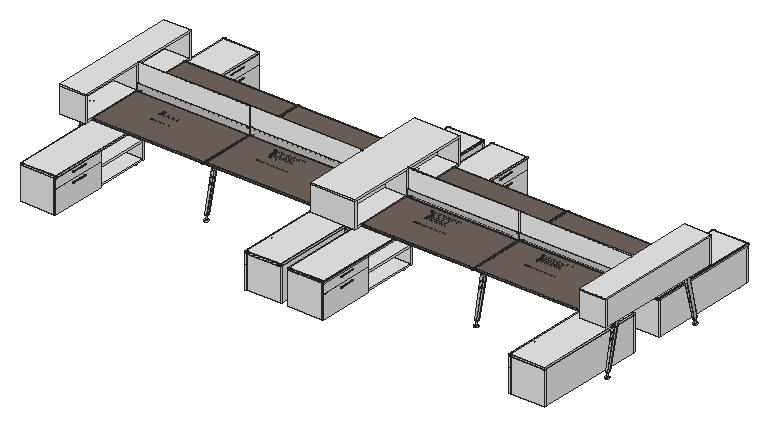
Revit family "T200005", category Furniture, Revit 2015 (continued)
Definition of nested family "OFS_ELEVEN-WORKSPACE_BASES_BENCHING_8-PERSON"
  Lines and regions (in)
    Masking region 47
      outline origin (-50, 0, 0) x (1, 0, 0) y (0, 1, 0)
        loop
          line (8.98586, 14.486) -> (7.01414, 14.486) -> (7.01414, -14.486) -> (8.98586, -14.486) -> (8.98586, 14.486)
  Dimensions and locks (in)
    plane 6 "BASE HEIGHT" to plane 2 = 27 3/4"
    "BASE WIDTH": plane 4 "LEFT" to plane 5 "RIGHT"
    "BASE DEPTH": plane 8 "FRONT" to plane 7 "BACK"
    equal spacing: plane 8 "FRONT", plane 1 "Center Front/Back", plane 7 "BACK"
    equal spacing: plane 11, plane 13, plane 12
    "RAIL WIDTH": plane 11 to plane 12
    "RAIL WIDTH": plane 15 to plane 14
    equal spacing: plane 15, plane 16, plane 14
    Extrusion 2 sketch curve to plane 3 "Center Left/Right" to Extrusion 2 sketch curve = 0.98586" locked, 0.98586" locked
    Extrusion 3 sketch curve to plane 10 to Extrusion 3 sketch curve = 0.98586" locked, 0.98586" locked
    Extrusion 4 sketch curve to plane 9 to Extrusion 4 sketch curve = 0.98586" locked, 0.98586" locked
    plane 24 to plane 3 "Center Left/Right" to plane 23 = 0.98586" locked, 0.98586" locked
    plane 25 to plane 10 to plane 5 "RIGHT" to plane 28 = 0.98586" locked, 1.96" locked, 0.15748" locked
    plane 27 to plane 4 "LEFT" to plane 9 to plane 26 = 0.15748" locked, 1.96" locked, 0.98586" locked
    plane 31 to plane 29 to plane 30 = 0.98586" locked, 0.98586" locked
    plane 34 to plane 32 to plane 33 = 0.98586" locked, 0.98586" locked
    equal spacing: plane 4 "LEFT", plane 29, plane 3 "Center Left/Right", plane 32, plane 5 "RIGHT"
    "MID RAIL WIDTH": plane 36 to plane 35
    equal spacing: plane 36, plane 37, plane 35
    "MID RAIL WIDTH": plane 39 to plane 38
    equal spacing: plane 39, plane 40, plane 38
    locked: plane 32 to plane 11 at 6
    locked: plane 29 to plane 36 at 6
    "RAIL POSITION": plane 14 to plane 29
    "RAIL POSITION": plane 38 to plane 32
    plane 19 to plane 18 to plane 17 to plane 7 "BACK" to plane 41 = 1.182" locked, 0.157" locked, 9.175" locked, 1" locked
    plane 22 to plane 21 to plane 20 to plane 8 "FRONT" to plane 42 = 1.182" locked, 0.157" locked, 9.175" locked, 1" locked
    aligned and locked: Extrusion 1 sketch curve to plane 22
    aligned and locked: Extrusion 1 sketch curve to plane 21
    aligned and locked: Extrusion 1 sketch curve to plane 6 "BASE HEIGHT"
    aligned and locked: Extrusion 3 to plane 6 "BASE HEIGHT"  (x2)
    aligned and locked: plane 23 to Extrusion 2
    aligned and locked: plane 24 to Extrusion 2
    aligned and locked: plane 25 to Extrusion 3
    aligned and locked: Extrusion 4 to plane 26
    aligned and locked: plane 26 to Extrusion 1
    aligned and locked: plane 25 to Extrusion 5
    aligned and locked: Extrusion 3 to plane 20
    aligned and locked: Extrusion 2 to plane 20
    aligned and locked: Extrusion 4 to plane 20
    aligned and locked: Extrusion 4 to plane 17
    aligned and locked: Extrusion 2 to plane 17
    aligned and locked: Extrusion 3 to plane 17
    aligned and locked: Extrusion 6 to plane 20
    aligned and locked: plane 17 to Extrusion 2  (x2)
    aligned and locked: Extrusion 10 to plane 17
    aligned and locked: plane 17 to Extrusion 10
    aligned and locked: plane 25 to Extrusion 14
    aligned and locked: plane 26 to Extrusion 15
    aligned and locked: Extrusion 17 to plane 19
    aligned and locked: Extrusion 17 to plane 22
    aligned and locked: Extrusion 21 to Extrusion 20
    aligned and locked: Extrusion 25 to Extrusion 26
    aligned and locked: Extrusion 22 to plane 19
    aligned and locked: Extrusion 22 to plane 22
    aligned and locked: cut or joined group of Extrusion 25, Extrusion 26 to Extrusion 22  (x2)
    aligned and locked: cut or joined group of Extrusion 23, Extrusion 24 to Extrusion 22  (x2)
    aligned and locked: Extrusion 30 to Extrusion 31
    aligned and locked: cut or joined group of Extrusion 30, Extrusion 31 to Extrusion 27  (x2)
    aligned and locked: cut or joined group of Extrusion 28, Extrusion 29 to Extrusion 27  (x2)
    aligned and locked: Extrusion 27 to plane 19
    aligned and locked: Extrusion 27 to plane 22
    aligned and locked: Extrusion 47 to Extrusion 48
    aligned and locked: Extrusion 53 to Extrusion 52
    aligned and locked: Extrusion 58 to Extrusion 57
    aligned and locked: Extrusion 57 to Extrusion 54
    aligned and locked: Extrusion 54 to Extrusion 57
    aligned and locked: Extrusion 47 to Extrusion 44  (x2)
    aligned and locked: Extrusion 54 to Extrusion 56
    aligned and locked: Extrusion 56 to Extrusion 54
    aligned and locked: Extrusion 46 to Extrusion 44  (x2)
    aligned and locked: Extrusion 49 to plane 19
    aligned and locked: Extrusion 54 to plane 19
    aligned and locked: Extrusion 44 to plane 19
    aligned and locked: Extrusion 49 to plane 22
    aligned and locked: Extrusion 54 to plane 22
    aligned and locked: Extrusion 44 to plane 22
    aligned and locked: plane 9 to nested 1
    aligned and locked: nested 3 to plane 10
    aligned and locked: nested 4 to plane 9
    aligned and locked: nested 6 to plane 17
    aligned and locked: plane 10 to nested 6
    aligned and locked: nested 5 to plane 17
    aligned and locked: nested 4 to plane 17
    aligned and locked: nested 1 to plane 20
    aligned and locked: nested 2 to plane 20
    aligned and locked: nested 3 to plane 20
    aligned and locked: Extrusion 72 to plane 5 "RIGHT"
    aligned and locked: plane 27 to Extrusion 71
    aligned and locked: plane 28 to Extrusion 72
    aligned and locked: plane 4 "LEFT" to Extrusion 71
    aligned and locked: nested 8 to plane 29
    aligned and locked: Masking region 16 to plane 31
    aligned and locked: Extrusion 15 to plane 31
    aligned and locked: plane 29 to nested 7
    aligned and locked: Masking region 18 to plane 31
    aligned and locked: Extrusion 1 to plane 31
    aligned and locked: nested 10 to plane 32
    aligned and locked: Masking region 17 to plane 33
    aligned and locked: Extrusion 14 to plane 33
    aligned and locked: cut or joined group of Extrusion 52, Extrusion 53 to Extrusion 49
    aligned and locked: Extrusion 49 to cut or joined group of Extrusion 52, Extrusion 53
    aligned and locked: plane 32 to nested 9
    aligned and locked: Masking region 19 to plane 33
    aligned and locked: Extrusion 5 to plane 33
    aligned and locked: Extrusion 49 to cut or joined group of Extrusion 50, Extrusion 51
    aligned and locked: cut or joined group of Extrusion 50, Extrusion 51 to Extrusion 49
    aligned and locked: Extrusion 83 to plane 17
    aligned and locked: Extrusion 83 to plane 20
    aligned and locked: Extrusion 84 to plane 20
    aligned and locked: Extrusion 84 to plane 17
    aligned and locked: Extrusion 86 to plane 30
    aligned and locked: Masking region 38 to plane 30
    aligned and locked: Extrusion 85 to plane 30
    aligned and locked: Masking region 39 to plane 30
    aligned and locked: Extrusion 85 to plane 24
    aligned and locked: Masking region 39 to plane 24
    aligned and locked: Extrusion 87 to plane 23
    aligned and locked: Masking region 41 to plane 23
    aligned and locked: Extrusion 88 to plane 23
    aligned and locked: Masking region 40 to plane 23
    aligned and locked: Extrusion 86 to plane 24
    aligned and locked: Masking region 38 to plane 24
    aligned and locked: Extrusion 88 to plane 34
    aligned and locked: Masking region 40 to plane 34
    aligned and locked: Extrusion 87 to plane 34
    aligned and locked: Masking region 41 to plane 34
    aligned and locked: Extrusion 89 to plane 20
    aligned and locked: Extrusion 89 to plane 17
    aligned and locked: Extrusion 94 to Extrusion 93
    aligned and locked: Extrusion 102 to Extrusion 101
    aligned and locked: Extrusion 110 to Extrusion 109
    aligned and locked: Extrusion 118 to Extrusion 117
    aligned and locked: Extrusion 126 to Extrusion 125
    aligned and locked: Extrusion 134 to Extrusion 133
    aligned and locked: Extrusion 130 to plane 19
    aligned and locked: Extrusion 122 to plane 19
    aligned and locked: Extrusion 114 to plane 19
    aligned and locked: Extrusion 130 to plane 22
    aligned and locked: Extrusion 122 to plane 22
    aligned and locked: Extrusion 114 to plane 22
    aligned and locked: nested 8 to plane 17
    aligned and locked: nested 7 to plane 20
    aligned and locked: nested 9 to plane 20
    aligned and locked: nested 10 to plane 17
    aligned and locked: Extrusion 90 to plane 19
    aligned and locked: Extrusion 98 to plane 19
    aligned and locked: Extrusion 106 to plane 19
    aligned and locked: Extrusion 90 to plane 22
    aligned and locked: Extrusion 98 to plane 22
    aligned and locked: Extrusion 106 to plane 22
    aligned and locked: Extrusion 101 to Extrusion 102
    aligned and locked: Extrusion 98 to Extrusion 101
    aligned and locked: Extrusion 109 to Extrusion 110  (x2)
    aligned and locked: Extrusion 117 to Extrusion 118  (x2)
    aligned and locked: Extrusion 125 to Extrusion 126  (x2)
    aligned and locked: Extrusion 123 to Extrusion 124
    aligned and locked: Extrusion 124 to Extrusion 123
    aligned and locked: Extrusion 115 to Extrusion 116
    aligned and locked: Extrusion 116 to Extrusion 115
    aligned and locked: Extrusion 107 to Extrusion 108
    aligned and locked: Extrusion 108 to Extrusion 107
    aligned and locked: Extrusion 99 to Extrusion 100
    aligned and locked: Extrusion 100 to Extrusion 99
    aligned and locked: Extrusion 131 to Extrusion 132
    aligned and locked: Extrusion 132 to Extrusion 131
    aligned and locked: Extrusion 133 to Extrusion 134  (x2)
    aligned and locked: Extrusion 93 to Extrusion 94  (x2)
    aligned and locked: Extrusion 92 to Extrusion 91
    aligned and locked: Extrusion 91 to Extrusion 92
    aligned and locked: Extrusion 17 to cut or joined group of Extrusion 18, Extrusion 19
    aligned and locked: cut or joined group of Extrusion 18, Extrusion 19 to Extrusion 17
    aligned and locked: cut or joined group of Extrusion 20, Extrusion 21 to Extrusion 17
    aligned and locked: Extrusion 17 to cut or joined group of Extrusion 20, Extrusion 21
  Automatic sketch dimensions
    plane 21 to Extrusion 1 sketch curve = 0.06818"  (x2)
    Extrusion 1 sketch curve to Extrusion 1 sketch curve = 0.07831"
    Extrusion 1 sketch curve to Extrusion 1 sketch curve = 0.08215"
    Extrusion 1 sketch curve to Extrusion 1 sketch curve = 0.06491"  (x2)
    Extrusion 1 sketch curve to Extrusion 1 sketch curve = 0.07203"  (x2)
    Extrusion 1 sketch curve to Extrusion 1 sketch curve = 0.10542"  (x2)
    Extrusion 1 sketch curve to Extrusion 1 sketch curve = 0.10901"  (x2)
    Extrusion 1 sketch curve to Extrusion 1 sketch curve = 0.19602"
    Extrusion 1 sketch curve to Extrusion 1 sketch curve = 0.19218"
    Extrusion 1 sketch curve to plane 22 = 0.34288"  (x2)
    Extrusion 1 sketch curve to plane 22 = 0.32462"
    Extrusion 1 sketch curve to plane 22 = 0.32432"
    Extrusion 1 sketch curve to plane 22 = 0.06856"  (x2)
    Extrusion 1 sketch curve to plane 6 "BASE HEIGHT" = 0.23622"  (x2)
    Extrusion 1 sketch curve to Extrusion 1 sketch curve = 0.11809"
    Extrusion 1 sketch curve to Extrusion 1 sketch curve = 0.11811"  (x2)
    Extrusion 1 sketch curve to Extrusion 1 sketch curve = 0.11874"
    Extrusion 1 sketch curve to Extrusion 1 sketch curve = 1.25499"
    Extrusion 1 sketch curve to Extrusion 1 sketch curve = 0"  (x2)
    Extrusion 1 sketch curve to Extrusion 1 sketch curve = 0.00061"
    Extrusion 1 sketch curve to Extrusion 1 sketch curve = 0.11241"  (x2)
    Extrusion 1 sketch curve to Extrusion 1 sketch curve = 0.23622"
    Extrusion 2 sketch curve to plane 6 "BASE HEIGHT" = 0"  (x2)
    Extrusion 2 sketch curve to plane 24 = 0.12991"  (x2)
    Extrusion 2 sketch curve to plane 24 = 0.1482"  (x2)
    Extrusion 2 sketch curve to Extrusion 2 sketch curve = 0.10572"  (x2)
    Extrusion 2 sketch curve to Extrusion 2 sketch curve = 0.10902"  (x2)
    Extrusion 2 sketch curve to Extrusion 2 sketch curve = 0.06821"  (x5)
    Extrusion 2 sketch curve to Extrusion 2 sketch curve = 0.06491"  (x2)
    Extrusion 2 sketch curve to Extrusion 2 sketch curve = 0.08212"  (x4)
    Extrusion 2 sketch curve to plane 23 = 0.47246"
    Extrusion 2 sketch curve to plane 23 = 0.12991"  (x2)
    Extrusion 2 sketch curve to plane 6 "BASE HEIGHT" = 0.23622"  (x2)
    Extrusion 2 sketch curve to Extrusion 2 sketch curve = 0.11241"  (x5)
    Extrusion 2 sketch curve to Extrusion 2 sketch curve = 1.25499"
    Extrusion 2 sketch curve to Extrusion 2 sketch curve = 0"
    Extrusion 2 sketch curve to Extrusion 2 sketch curve = 0.0057"  (x2)
    Extrusion 2 sketch curve to Extrusion 2 sketch curve = 0.11811"
    Extrusion 2 sketch curve to Extrusion 2 sketch curve = 0.23622"  (x2)
    Extrusion 3 sketch curve to plane 6 "BASE HEIGHT" = 0"  (x2)
    plane 25 to Extrusion 3 sketch curve = 0.12991"  (x2)
    plane 25 to Extrusion 3 sketch curve = 0.1482"  (x2)
    Extrusion 3 sketch curve to Extrusion 3 sketch curve = 0.10572"  (x2)
    Extrusion 3 sketch curve to Extrusion 3 sketch curve = 0.10902"  (x2)
    Extrusion 3 sketch curve to Extrusion 3 sketch curve = 0.06821"  (x5)
    Extrusion 3 sketch curve to Extrusion 3 sketch curve = 0.06491"  (x2)
    Extrusion 3 sketch curve to Extrusion 3 sketch curve = 0.08212"  (x4)
    Extrusion 3 sketch curve to plane 10 = 0.5134"
    Extrusion 3 sketch curve to plane 6 "BASE HEIGHT" = 0.23622"
    Extrusion 3 sketch curve to plane 6 "BASE HEIGHT" = 0.34863"  (x2)
    Extrusion 3 sketch curve to Extrusion 3 sketch curve = 0.12991"  (x2)
    Extrusion 3 sketch curve to Extrusion 3 sketch curve = 0"  (x2)
    Extrusion 3 sketch curve to Extrusion 3 sketch curve = 0.11241"  (x3)
    Extrusion 3 sketch curve to Extrusion 3 sketch curve = 1.25499"
    Extrusion 3 sketch curve to Extrusion 3 sketch curve = 0.0057"  (x2)
    Extrusion 3 sketch curve to Extrusion 3 sketch curve = 0.11811"
    Extrusion 3 sketch curve to Extrusion 3 sketch curve = 0.23622"  (x2)
    Extrusion 4 sketch curve to plane 6 "BASE HEIGHT" = 0"  (x2)
    Extrusion 4 sketch curve to plane 26 = 0.12991"  (x2)
    Extrusion 4 sketch curve to plane 26 = 0.1482"  (x2)
    Extrusion 4 sketch curve to Extrusion 4 sketch curve = 0.10572"  (x2)
    Extrusion 4 sketch curve to Extrusion 4 sketch curve = 0.10902"  (x2)
    Extrusion 4 sketch curve to Extrusion 4 sketch curve = 0.06821"  (x5)
    Extrusion 4 sketch curve to Extrusion 4 sketch curve = 0.06491"  (x2)
    Extrusion 4 sketch curve to Extrusion 4 sketch curve = 0.08212"  (x4)
    plane 9 to Extrusion 4 sketch curve = 0.5134"
    plane 6 "BASE HEIGHT" to Extrusion 4 sketch curve = 0.23622"
    plane 6 "BASE HEIGHT" to Extrusion 4 sketch curve = 0.34863"  (x2)
    Extrusion 4 sketch curve to Extrusion 4 sketch curve = 0.12991"  (x2)
    Extrusion 4 sketch curve to Extrusion 4 sketch curve = 0"  (x2)
    Extrusion 4 sketch curve to Extrusion 4 sketch curve = 0.11241"  (x3)
    Extrusion 4 sketch curve to Extrusion 4 sketch curve = 1.25499"
    Extrusion 4 sketch curve to Extrusion 4 sketch curve = 0.0057"  (x2)
    Extrusion 4 sketch curve to Extrusion 4 sketch curve = 0.11811"
    Extrusion 4 sketch curve to Extrusion 4 sketch curve = 0.23622"  (x2)
    Extrusion 5 sketch curve to plane 21 = 0"
    Extrusion 5 sketch curve to plane 6 "BASE HEIGHT" = 0"
    Extrusion 5 sketch curve to plane 22 = 0"
    plane 21 to Extrusion 5 sketch curve = 0.06818"  (x2)
    Extrusion 5 sketch curve to Extrusion 5 sketch curve = 0.07831"
    Extrusion 5 sketch curve to Extrusion 5 sketch curve = 0.08215"
    Extrusion 5 sketch curve to Extrusion 5 sketch curve = 0.06491"  (x2)
    Extrusion 5 sketch curve to Extrusion 5 sketch curve = 0.07203"  (x2)
    Extrusion 5 sketch curve to Extrusion 5 sketch curve = 0.10542"  (x2)
    Extrusion 5 sketch curve to Extrusion 5 sketch curve = 0.10901"  (x2)
    Extrusion 5 sketch curve to Extrusion 5 sketch curve = 0.19602"
    Extrusion 5 sketch curve to Extrusion 5 sketch curve = 0.19218"
    Extrusion 5 sketch curve to plane 22 = 0.34288"  (x2)
    Extrusion 5 sketch curve to Extrusion 5 sketch curve = 0.32462"
    Extrusion 5 sketch curve to plane 22 = 0.32432"
    Extrusion 5 sketch curve to plane 22 = 0.06856"  (x2)
    Extrusion 5 sketch curve to plane 6 "BASE HEIGHT" = 0.23622"  (x2)
    Extrusion 5 sketch curve to Extrusion 5 sketch curve = 0.11809"
    Extrusion 5 sketch curve to Extrusion 5 sketch curve = 0.11811"  (x2)
    Extrusion 5 sketch curve to Extrusion 5 sketch curve = 0.11874"
    Extrusion 5 sketch curve to Extrusion 5 sketch curve = 1.25499"
    Extrusion 5 sketch curve to Extrusion 5 sketch curve = 0"  (x2)
    Extrusion 5 sketch curve to Extrusion 5 sketch curve = 0.00061"
    Extrusion 5 sketch curve to Extrusion 5 sketch curve = 0.1118"
    Extrusion 5 sketch curve to Extrusion 5 sketch curve = 0.11241"
    Extrusion 5 sketch curve to Extrusion 5 sketch curve = 0.23622"
    Extrusion 6 sketch curve to plane 6 "BASE HEIGHT" = 0"
    plane 24 to Extrusion 6 sketch curve = 0.12991"  (x2)
    plane 24 to Extrusion 6 sketch curve = 0.1482"  (x2)
    Extrusion 6 sketch curve to Extrusion 6 sketch curve = 0.10572"  (x2)
    Extrusion 6 sketch curve to Extrusion 6 sketch curve = 0.10902"  (x2)
    Extrusion 6 sketch curve to Extrusion 6 sketch curve = 0.06491"  (x2)
    Extrusion 6 sketch curve to Extrusion 6 sketch curve = 0.06821"  (x5)
    Extrusion 6 sketch curve to Extrusion 6 sketch curve = 0.08212"  (x4)
    plane 23 to Extrusion 6 sketch curve = 0.47246"
    plane 23 to Extrusion 6 sketch curve = 0.12991"  (x2)
    plane 6 "BASE HEIGHT" to Extrusion 6 sketch curve = 0.23622"  (x2)
    Extrusion 6 sketch curve to Extrusion 6 sketch curve = 0.11241"  (x6)
    Extrusion 6 sketch curve to Extrusion 6 sketch curve = 1.25499"
    Extrusion 6 sketch curve to Extrusion 6 sketch curve = 0"
    Extrusion 6 sketch curve to Extrusion 6 sketch curve = 0.0057"  (x2)
    Extrusion 6 sketch curve to Extrusion 6 sketch curve = 0.23622"
    Extrusion 7 sketch curve to plane 6 "BASE HEIGHT" = 0"
    Extrusion 7 sketch curve to plane 24 = 0.12991"  (x2)
    Extrusion 7 sketch curve to plane 24 = 0.1482"  (x2)
    Extrusion 7 sketch curve to Extrusion 7 sketch curve = 0.10572"  (x2)
    Extrusion 7 sketch curve to Extrusion 7 sketch curve = 0.10902"  (x2)
    Extrusion 7 sketch curve to Extrusion 7 sketch curve = 0.06491"  (x2)
    Extrusion 7 sketch curve to Extrusion 7 sketch curve = 0.06821"  (x5)
    Extrusion 7 sketch curve to Extrusion 7 sketch curve = 0.08212"  (x4)
    Extrusion 7 sketch curve to plane 23 = 0.47246"
    Extrusion 7 sketch curve to plane 23 = 0.12991"  (x2)
    Extrusion 7 sketch curve to plane 6 "BASE HEIGHT" = 0.23622"  (x2)
    Extrusion 7 sketch curve to Extrusion 7 sketch curve = 0.11241"  (x6)
    Extrusion 7 sketch curve to Extrusion 7 sketch curve = 1.25499"
    Extrusion 7 sketch curve to Extrusion 7 sketch curve = 0"
    Extrusion 7 sketch curve to Extrusion 7 sketch curve = 0.0057"  (x2)
    Extrusion 7 sketch curve to Extrusion 7 sketch curve = 0.23622"
    Extrusion 8 sketch curve to plane 6 "BASE HEIGHT" = 0"
    Extrusion 8 sketch curve to plane 25 = 0.12991"  (x2)
    Extrusion 8 sketch curve to plane 25 = 0.1482"  (x2)
    Extrusion 8 sketch curve to Extrusion 8 sketch curve = 0.10572"  (x2)
    Extrusion 8 sketch curve to Extrusion 8 sketch curve = 0.10902"  (x2)
    Extrusion 8 sketch curve to Extrusion 8 sketch curve = 0.06491"  (x2)
    Extrusion 8 sketch curve to Extrusion 8 sketch curve = 0.06821"  (x5)
    Extrusion 8 sketch curve to Extrusion 8 sketch curve = 0.08212"  (x4)
    plane 10 to Extrusion 8 sketch curve = 0.5134"
    plane 6 "BASE HEIGHT" to Extrusion 8 sketch curve = 0.23622"
    Extrusion 8 sketch curve to Extrusion 8 sketch curve = 0.19221"  (x2)
    Extrusion 8 sketch curve to Extrusion 8 sketch curve = 0.11241"  (x5)
    plane 6 "BASE HEIGHT" to Extrusion 8 sketch curve = 0.34863"
    Extrusion 8 sketch curve to Extrusion 8 sketch curve = 0"  (x2)
    Extrusion 8 sketch curve to Extrusion 8 sketch curve = 1.25499"
    Extrusion 8 sketch curve to Extrusion 8 sketch curve = 0.0057"  (x2)
    Extrusion 8 sketch curve to Extrusion 8 sketch curve = 0.23622"
    Extrusion 9 sketch curve to plane 6 "BASE HEIGHT" = 0"
    plane 9 to Extrusion 9 sketch curve = 0.85595"  (x2)
    Extrusion 9 sketch curve to Extrusion 9 sketch curve = 0.01829"  (x2)
    Extrusion 9 sketch curve to Extrusion 9 sketch curve = 0.10572"  (x2)
    Extrusion 9 sketch curve to Extrusion 9 sketch curve = 0.10902"  (x2)
    Extrusion 9 sketch curve to Extrusion 9 sketch curve = 0.06491"  (x2)
    Extrusion 9 sketch curve to Extrusion 9 sketch curve = 0.06821"  (x5)
    Extrusion 9 sketch curve to Extrusion 9 sketch curve = 0.08212"  (x4)
    Extrusion 9 sketch curve to plane 26 = 0.47246"
    Extrusion 9 sketch curve to plane 26 = 0.12991"  (x2)
    plane 6 "BASE HEIGHT" to Extrusion 9 sketch curve = 0.23622"  (x2)
    Extrusion 9 sketch curve to Extrusion 9 sketch curve = 0.11241"  (x6)
    Extrusion 9 sketch curve to Extrusion 9 sketch curve = 1.25499"
    Extrusion 9 sketch curve to Extrusion 9 sketch curve = 0"
    Extrusion 9 sketch curve to Extrusion 9 sketch curve = 0.0057"  (x2)
    Extrusion 9 sketch curve to Extrusion 9 sketch curve = 0.23622"
    Extrusion 10 sketch curve to plane 6 "BASE HEIGHT" = 0"
    Extrusion 10 sketch curve to plane 24 = 0.12991"  (x2)
    Extrusion 10 sketch curve to plane 24 = 0.1482"  (x2)
    Extrusion 10 sketch curve to Extrusion 10 sketch curve = 0.10572"  (x2)
    Extrusion 10 sketch curve to Extrusion 10 sketch curve = 0.10902"  (x2)
    Extrusion 10 sketch curve to Extrusion 10 sketch curve = 0.06491"  (x2)
    Extrusion 10 sketch curve to Extrusion 10 sketch curve = 0.06821"  (x5)
    Extrusion 10 sketch curve to Extrusion 10 sketch curve = 0.08212"  (x4)
    Extrusion 10 sketch curve to plane 23 = 0.47246"
    Extrusion 10 sketch curve to plane 23 = 0.12991"  (x2)
    Extrusion 10 sketch curve to plane 6 "BASE HEIGHT" = 0.23622"  (x2)
    Extrusion 10 sketch curve to Extrusion 10 sketch curve = 0.11241"  (x6)
    Extrusion 10 sketch curve to Extrusion 10 sketch curve = 1.25499"
    Extrusion 10 sketch curve to Extrusion 10 sketch curve = 0"
    Extrusion 10 sketch curve to Extrusion 10 sketch curve = 0.0057"  (x2)
    Extrusion 10 sketch curve to Extrusion 10 sketch curve = 0.23622"
    Extrusion 11 sketch curve to plane 6 "BASE HEIGHT" = 0"
    plane 25 to Extrusion 11 sketch curve = 0.12991"  (x2)
    plane 25 to Extrusion 11 sketch curve = 0.1482"  (x2)
    Extrusion 11 sketch curve to Extrusion 11 sketch curve = 0.10572"  (x2)
    Extrusion 11 sketch curve to Extrusion 11 sketch curve = 0.10902"  (x2)
    Extrusion 11 sketch curve to Extrusion 11 sketch curve = 0.06491"  (x2)
    Extrusion 11 sketch curve to Extrusion 11 sketch curve = 0.06821"  (x5)
    Extrusion 11 sketch curve to Extrusion 11 sketch curve = 0.08212"  (x4)
    Extrusion 11 sketch curve to plane 10 = 0.5134"
    Extrusion 11 sketch curve to plane 6 "BASE HEIGHT" = 0.23622"
    Extrusion 11 sketch curve to Extrusion 11 sketch curve = 0.19221"  (x2)
    Extrusion 11 sketch curve to Extrusion 11 sketch curve = 0.11241"  (x5)
    Extrusion 11 sketch curve to plane 6 "BASE HEIGHT" = 0.34863"
    Extrusion 11 sketch curve to Extrusion 11 sketch curve = 0"  (x2)
    Extrusion 11 sketch curve to Extrusion 11 sketch curve = 1.25499"
    Extrusion 11 sketch curve to Extrusion 11 sketch curve = 0.0057"  (x2)
    Extrusion 11 sketch curve to Extrusion 11 sketch curve = 0.23622"
    Extrusion 12 sketch curve to plane 6 "BASE HEIGHT" = 0"
    Extrusion 12 sketch curve to plane 9 = 0.85595"  (x2)
    Extrusion 12 sketch curve to Extrusion 12 sketch curve = 0.01829"  (x2)
    Extrusion 12 sketch curve to Extrusion 12 sketch curve = 0.10572"  (x2)
    Extrusion 12 sketch curve to Extrusion 12 sketch curve = 0.10902"  (x2)
    Extrusion 12 sketch curve to Extrusion 12 sketch curve = 0.06491"  (x2)
    Extrusion 12 sketch curve to Extrusion 12 sketch curve = 0.06821"  (x5)
    Extrusion 12 sketch curve to Extrusion 12 sketch curve = 0.08212"  (x4)
    plane 26 to Extrusion 12 sketch curve = 0.47246"
    plane 26 to Extrusion 12 sketch curve = 0.12991"  (x2)
    Extrusion 12 sketch curve to plane 6 "BASE HEIGHT" = 0.23622"  (x2)
    Extrusion 12 sketch curve to Extrusion 12 sketch curve = 0.11241"  (x6)
    Extrusion 12 sketch curve to Extrusion 12 sketch curve = 1.25499"
    Extrusion 12 sketch curve to Extrusion 12 sketch curve = 0"
    Extrusion 12 sketch curve to Extrusion 12 sketch curve = 0.0057"  (x2)
    Extrusion 12 sketch curve to Extrusion 12 sketch curve = 0.23622"
    plane 1 "Center Front/Back" to Extrusion 13 sketch curve = 0.59"
    Extrusion 13 sketch curve to plane 24 = 0.16086"
    plane 1 "Center Front/Back" to Extrusion 13 sketch curve = 0.31"
    Extrusion 13 sketch curve to Extrusion 13 sketch curve = 0.28"  (x2)
    Extrusion 13 sketch curve to plane 1 "Center Front/Back" = 0.31"  (x2)
    Extrusion 13 sketch curve to plane 23 = 0.44086"
    Extrusion 14 sketch curve to plane 18 = 0"
    Extrusion 14 sketch curve to plane 6 "BASE HEIGHT" = 0"
    Extrusion 14 sketch curve to plane 19 = 0"
    plane 18 to Extrusion 14 sketch curve = 0.06818"  (x2)
    Extrusion 14 sketch curve to Extrusion 14 sketch curve = 0.07831"
    Extrusion 14 sketch curve to Extrusion 14 sketch curve = 0.08215"
    Extrusion 14 sketch curve to Extrusion 14 sketch curve = 0.06491"  (x2)
    Extrusion 14 sketch curve to Extrusion 14 sketch curve = 0.07203"  (x2)
    Extrusion 14 sketch curve to Extrusion 14 sketch curve = 0.10542"  (x2)
    Extrusion 14 sketch curve to Extrusion 14 sketch curve = 0.10901"  (x2)
    Extrusion 14 sketch curve to Extrusion 14 sketch curve = 0.19602"
    Extrusion 14 sketch curve to Extrusion 14 sketch curve = 0.19218"
    Extrusion 14 sketch curve to plane 19 = 0.34288"  (x2)
    Extrusion 14 sketch curve to Extrusion 14 sketch curve = 0.32462"
    Extrusion 14 sketch curve to plane 19 = 0.32432"
    Extrusion 14 sketch curve to plane 19 = 0.06856"  (x2)
    Extrusion 14 sketch curve to plane 6 "BASE HEIGHT" = 0.23622"  (x2)
    Extrusion 14 sketch curve to Extrusion 14 sketch curve = 0.11809"
    Extrusion 14 sketch curve to Extrusion 14 sketch curve = 0.11811"  (x2)
    Extrusion 14 sketch curve to Extrusion 14 sketch curve = 0.11874"
    Extrusion 14 sketch curve to Extrusion 14 sketch curve = 1.25499"
    Extrusion 14 sketch curve to Extrusion 14 sketch curve = 0"  (x2)
    Extrusion 14 sketch curve to Extrusion 14 sketch curve = 0.00061"
    Extrusion 14 sketch curve to Extrusion 14 sketch curve = 0.11241"  (x2)
    Extrusion 14 sketch curve to Extrusion 14 sketch curve = 0.23622"
    Extrusion 15 sketch curve to plane 18 = 0"
    Extrusion 15 sketch curve to plane 6 "BASE HEIGHT" = 0"
    Extrusion 15 sketch curve to plane 19 = 0"
    plane 18 to Extrusion 15 sketch curve = 0.06818"  (x2)
    Extrusion 15 sketch curve to Extrusion 15 sketch curve = 0.07831"
    Extrusion 15 sketch curve to Extrusion 15 sketch curve = 0.08215"
    Extrusion 15 sketch curve to Extrusion 15 sketch curve = 0.06491"  (x2)
    Extrusion 15 sketch curve to Extrusion 15 sketch curve = 0.07203"  (x2)
    Extrusion 15 sketch curve to Extrusion 15 sketch curve = 0.10542"  (x2)
    Extrusion 15 sketch curve to Extrusion 15 sketch curve = 0.10901"  (x2)
    Extrusion 15 sketch curve to Extrusion 15 sketch curve = 0.19602"
    Extrusion 15 sketch curve to Extrusion 15 sketch curve = 0.19218"
    Extrusion 15 sketch curve to plane 19 = 0.34288"  (x2)
    Extrusion 15 sketch curve to Extrusion 15 sketch curve = 0.32462"
    Extrusion 15 sketch curve to plane 19 = 0.32432"
    Extrusion 15 sketch curve to plane 19 = 0.06856"  (x2)
    Extrusion 15 sketch curve to plane 6 "BASE HEIGHT" = 0.23622"  (x2)
    Extrusion 15 sketch curve to Extrusion 15 sketch curve = 0.11809"
    Extrusion 15 sketch curve to Extrusion 15 sketch curve = 0.11811"  (x2)
    Extrusion 15 sketch curve to Extrusion 15 sketch curve = 0.11874"
    Extrusion 15 sketch curve to Extrusion 15 sketch curve = 1.25499"
    Extrusion 15 sketch curve to Extrusion 15 sketch curve = 0"  (x2)
    Extrusion 15 sketch curve to Extrusion 15 sketch curve = 0.00061"
    Extrusion 15 sketch curve to Extrusion 15 sketch curve = 0.1118"
    Extrusion 15 sketch curve to Extrusion 15 sketch curve = 0.11241"
    Extrusion 15 sketch curve to Extrusion 15 sketch curve = 0.23622"
    Extrusion 16 sketch curve to plane 23 = 0.08247"  (x2)
    plane 1 "Center Front/Back" to Extrusion 16 sketch curve = 0.345"
    plane 1 "Center Front/Back" to Extrusion 16 sketch curve = 0.065"  (x2)
    Extrusion 16 sketch curve to plane 1 "Center Front/Back" = 0.065"  (x2)
    Extrusion 16 sketch curve to plane 24 = 0.08586"
    Extrusion 17 sketch curve to plane 6 "BASE HEIGHT" = 0"  (x2)
    plane 15 to Extrusion 17 sketch curve = 0.98586"
    Extrusion 17 sketch curve to Extrusion 17 sketch curve = 0.12991"  (x3)
    Extrusion 17 sketch curve to Extrusion 17 sketch curve = 0.01829"  (x2)
    Extrusion 17 sketch curve to plane 6 "BASE HEIGHT" = 0.34863"  (x2)
    Extrusion 17 sketch curve to Extrusion 17 sketch curve = 0.10572"  (x2)
    Extrusion 17 sketch curve to Extrusion 17 sketch curve = 0.10902"  (x2)
    Extrusion 17 sketch curve to Extrusion 17 sketch curve = 0.06821"  (x5)
    Extrusion 17 sketch curve to Extrusion 17 sketch curve = 0.06491"  (x2)
    Extrusion 17 sketch curve to Extrusion 17 sketch curve = 0.08212"  (x4)
    Extrusion 17 sketch curve to plane 15 = 0.5134"
    Extrusion 17 sketch curve to plane 6 "BASE HEIGHT" = 0.23622"
    Extrusion 17 sketch curve to Extrusion 17 sketch curve = 0.19221"  (x2)
    Extrusion 17 sketch curve to Extrusion 17 sketch curve = 0.11241"  (x2)
    Extrusion 17 sketch curve to Extrusion 17 sketch curve = 1.25499"
    Extrusion 17 sketch curve to Extrusion 17 sketch curve = 0"  (x2)
    Extrusion 17 sketch curve to Extrusion 17 sketch curve = 0.0057"  (x2)
    Extrusion 17 sketch curve to Extrusion 17 sketch curve = 0.11811"  (x2)
    Extrusion 17 sketch curve to Extrusion 17 sketch curve = 0.23622"
    Extrusion 17 sketch curve to Extrusion 17 sketch curve = 0.34863"
    Extrusion 18 sketch curve to plane 6 "BASE HEIGHT" = 0"
    Extrusion 18 sketch curve to plane 15 = 0.85595"  (x2)
    Extrusion 18 sketch curve to Extrusion 18 sketch curve = 0.01829"  (x2)
    Extrusion 18 sketch curve to Extrusion 18 sketch curve = 0.10572"  (x2)
    Extrusion 18 sketch curve to Extrusion 18 sketch curve = 0.10902"  (x2)
    Extrusion 18 sketch curve to Extrusion 18 sketch curve = 0.06491"  (x2)
    Extrusion 18 sketch curve to Extrusion 18 sketch curve = 0.06821"  (x5)
    Extrusion 18 sketch curve to Extrusion 18 sketch curve = 0.08212"  (x4)
    plane 15 to Extrusion 18 sketch curve = 0.5134"
    plane 6 "BASE HEIGHT" to Extrusion 18 sketch curve = 0.23622"
    Extrusion 18 sketch curve to Extrusion 18 sketch curve = 0.19221"  (x2)
    Extrusion 18 sketch curve to Extrusion 18 sketch curve = 0.11241"  (x5)
    plane 6 "BASE HEIGHT" to Extrusion 18 sketch curve = 0.34863"
    Extrusion 18 sketch curve to Extrusion 18 sketch curve = 0"  (x2)
    Extrusion 18 sketch curve to Extrusion 18 sketch curve = 1.25499"
    Extrusion 18 sketch curve to Extrusion 18 sketch curve = 0.0057"  (x2)
    Extrusion 18 sketch curve to Extrusion 18 sketch curve = 0.23622"
    Extrusion 19 sketch curve to plane 6 "BASE HEIGHT" = 0"
    Extrusion 19 sketch curve to plane 22 = 0"  (x2)
    Extrusion 19 sketch curve to plane 22 = 0.06856"  (x2)
    Extrusion 19 sketch curve to Extrusion 19 sketch curve = 0.07831"  (x2)
    Extrusion 19 sketch curve to Extrusion 19 sketch curve = 0.07203"  (x2)
    Extrusion 19 sketch curve to Extrusion 19 sketch curve = 0.10542"  (x2)
    Extrusion 19 sketch curve to Extrusion 19 sketch curve = 0.19602"  (x2)
    plane 22 to Extrusion 19 sketch curve = 0.2436"
    Extrusion 19 sketch curve to Extrusion 19 sketch curve = 0.2436"
    Extrusion 19 sketch curve to plane 6 "BASE HEIGHT" = 0.23622"
    Extrusion 19 sketch curve to Extrusion 19 sketch curve = 0.11811"
    Extrusion 19 sketch curve to Extrusion 19 sketch curve = 0.11874"  (x2)
    Extrusion 19 sketch curve to Extrusion 19 sketch curve = 1.24804"
    Extrusion 19 sketch curve to Extrusion 19 sketch curve = 0.00063"
    Extrusion 19 sketch curve to Extrusion 19 sketch curve = 0.23622"
    Extrusion 20 sketch curve to plane 6 "BASE HEIGHT" = 0"
    Extrusion 20 sketch curve to plane 19 = 0"  (x2)
    plane 19 to Extrusion 20 sketch curve = 0.06856"  (x2)
    Extrusion 20 sketch curve to Extrusion 20 sketch curve = 0.07831"  (x2)
    Extrusion 20 sketch curve to Extrusion 20 sketch curve = 0.07203"  (x2)
    Extrusion 20 sketch curve to Extrusion 20 sketch curve = 0.10542"  (x2)
    Extrusion 20 sketch curve to Extrusion 20 sketch curve = 0.19602"  (x2)
    Extrusion 20 sketch curve to plane 19 = 0.2436"  (x2)
    plane 6 "BASE HEIGHT" to Extrusion 20 sketch curve = 0.23622"
    Extrusion 20 sketch curve to Extrusion 20 sketch curve = 0.11811"
    Extrusion 20 sketch curve to Extrusion 20 sketch curve = 0.11874"  (x2)
    Extrusion 20 sketch curve to Extrusion 20 sketch curve = 1.24804"
    Extrusion 20 sketch curve to Extrusion 20 sketch curve = 0.00063"
    Extrusion 20 sketch curve to Extrusion 20 sketch curve = 0.23622"
    Extrusion 21 sketch curve to plane 6 "BASE HEIGHT" = 0"
    plane 15 to Extrusion 21 sketch curve = 0.85595"  (x2)
    Extrusion 21 sketch curve to Extrusion 21 sketch curve = 0.01829"  (x2)
    Extrusion 21 sketch curve to Extrusion 21 sketch curve = 0.10572"  (x2)
    Extrusion 21 sketch curve to Extrusion 21 sketch curve = 0.10902"  (x2)
    Extrusion 21 sketch curve to Extrusion 21 sketch curve = 0.06491"  (x2)
    Extrusion 21 sketch curve to Extrusion 21 sketch curve = 0.06821"  (x5)
    Extrusion 21 sketch curve to Extrusion 21 sketch curve = 0.08212"  (x4)
    Extrusion 21 sketch curve to plane 15 = 0.5134"
    Extrusion 21 sketch curve to plane 6 "BASE HEIGHT" = 0.23622"
    Extrusion 21 sketch curve to Extrusion 21 sketch curve = 0.19221"  (x2)
    Extrusion 21 sketch curve to Extrusion 21 sketch curve = 0.11241"  (x5)
    Extrusion 21 sketch curve to plane 6 "BASE HEIGHT" = 0.34863"
    Extrusion 21 sketch curve to Extrusion 21 sketch curve = 0"  (x2)
    Extrusion 21 sketch curve to Extrusion 21 sketch curve = 1.25499"
    Extrusion 21 sketch curve to Extrusion 21 sketch curve = 0.0057"  (x2)
    Extrusion 21 sketch curve to Extrusion 21 sketch curve = 0.23622"
    Extrusion 22 sketch curve to plane 6 "BASE HEIGHT" = 0"  (x2)
    plane 14 to Extrusion 22 sketch curve = 0.98586"
    Extrusion 22 sketch curve to Extrusion 22 sketch curve = 0.12991"  (x3)
    Extrusion 22 sketch curve to Extrusion 22 sketch curve = 0.01829"  (x2)
    plane 6 "BASE HEIGHT" to Extrusion 22 sketch curve = 0.34863"  (x2)
    Extrusion 22 sketch curve to Extrusion 22 sketch curve = 0.10572"  (x2)
    Extrusion 22 sketch curve to Extrusion 22 sketch curve = 0.10902"  (x2)
    Extrusion 22 sketch curve to Extrusion 22 sketch curve = 0.06821"  (x5)
    Extrusion 22 sketch curve to Extrusion 22 sketch curve = 0.06491"  (x2)
    Extrusion 22 sketch curve to Extrusion 22 sketch curve = 0.08212"  (x4)
    Extrusion 22 sketch curve to plane 14 = 0.5134"
    plane 6 "BASE HEIGHT" to Extrusion 22 sketch curve = 0.23622"
    Extrusion 22 sketch curve to Extrusion 22 sketch curve = 0.19221"  (x2)
    Extrusion 22 sketch curve to Extrusion 22 sketch curve = 0.11241"  (x2)
    Extrusion 22 sketch curve to Extrusion 22 sketch curve = 1.25499"
    Extrusion 22 sketch curve to Extrusion 22 sketch curve = 0"  (x2)
    Extrusion 22 sketch curve to Extrusion 22 sketch curve = 0.0057"  (x2)
    Extrusion 22 sketch curve to Extrusion 22 sketch curve = 0.11811"  (x2)
    Extrusion 22 sketch curve to Extrusion 22 sketch curve = 0.23622"
    Extrusion 22 sketch curve to Extrusion 22 sketch curve = 0.34863"
    Extrusion 23 sketch curve to plane 6 "BASE HEIGHT" = 0"
    Extrusion 23 sketch curve to plane 14 = 0.85595"  (x2)
    Extrusion 23 sketch curve to Extrusion 23 sketch curve = 0.01829"  (x2)
    Extrusion 23 sketch curve to Extrusion 23 sketch curve = 0.10572"  (x2)
    Extrusion 23 sketch curve to Extrusion 23 sketch curve = 0.10902"  (x2)
    Extrusion 23 sketch curve to Extrusion 23 sketch curve = 0.06491"  (x2)
    Extrusion 23 sketch curve to Extrusion 23 sketch curve = 0.06821"  (x5)
    Extrusion 23 sketch curve to Extrusion 23 sketch curve = 0.08212"  (x4)
    plane 14 to Extrusion 23 sketch curve = 0.5134"
    Extrusion 23 sketch curve to plane 6 "BASE HEIGHT" = 0.23622"
    Extrusion 23 sketch curve to Extrusion 23 sketch curve = 0.19221"  (x2)
    Extrusion 23 sketch curve to Extrusion 23 sketch curve = 0.11241"  (x5)
    Extrusion 23 sketch curve to plane 6 "BASE HEIGHT" = 0.34863"
    Extrusion 23 sketch curve to Extrusion 23 sketch curve = 0"  (x2)
    Extrusion 23 sketch curve to Extrusion 23 sketch curve = 1.25499"
    Extrusion 23 sketch curve to Extrusion 23 sketch curve = 0.0057"  (x2)
    Extrusion 23 sketch curve to Extrusion 23 sketch curve = 0.23622"
    Extrusion 24 sketch curve to plane 6 "BASE HEIGHT" = 0"
    Extrusion 24 sketch curve to plane 22 = 0"  (x2)
    Extrusion 24 sketch curve to plane 22 = 0.06856"  (x2)
    Extrusion 24 sketch curve to Extrusion 24 sketch curve = 0.07831"  (x2)
    Extrusion 24 sketch curve to Extrusion 24 sketch curve = 0.07203"  (x2)
    Extrusion 24 sketch curve to Extrusion 24 sketch curve = 0.10542"  (x2)
    Extrusion 24 sketch curve to Extrusion 24 sketch curve = 0.19602"  (x2)
    plane 22 to Extrusion 24 sketch curve = 0.2436"
    Extrusion 24 sketch curve to Extrusion 24 sketch curve = 0.2436"
    Extrusion 24 sketch curve to plane 6 "BASE HEIGHT" = 0.23622"
    Extrusion 24 sketch curve to Extrusion 24 sketch curve = 0.11811"
    Extrusion 24 sketch curve to Extrusion 24 sketch curve = 0.11874"  (x2)
    Extrusion 24 sketch curve to Extrusion 24 sketch curve = 1.24804"
    Extrusion 24 sketch curve to Extrusion 24 sketch curve = 0.00063"
    Extrusion 24 sketch curve to Extrusion 24 sketch curve = 0.23622"
    Extrusion 25 sketch curve to plane 6 "BASE HEIGHT" = 0"
    Extrusion 25 sketch curve to plane 19 = 0"  (x2)
    Extrusion 25 sketch curve to plane 19 = 0.06856"  (x2)
    Extrusion 25 sketch curve to Extrusion 25 sketch curve = 0.07831"  (x2)
    Extrusion 25 sketch curve to Extrusion 25 sketch curve = 0.07203"  (x2)
    Extrusion 25 sketch curve to Extrusion 25 sketch curve = 0.10542"  (x2)
    Extrusion 25 sketch curve to Extrusion 25 sketch curve = 0.19602"  (x2)
    plane 19 to Extrusion 25 sketch curve = 0.2436"
    Extrusion 25 sketch curve to Extrusion 25 sketch curve = 0.2436"
    Extrusion 25 sketch curve to plane 6 "BASE HEIGHT" = 0.23622"
    Extrusion 25 sketch curve to Extrusion 25 sketch curve = 0.11811"
    Extrusion 25 sketch curve to Extrusion 25 sketch curve = 0.11874"  (x2)
    Extrusion 25 sketch curve to Extrusion 25 sketch curve = 1.24804"
    Extrusion 25 sketch curve to Extrusion 25 sketch curve = 0.00063"
    Extrusion 25 sketch curve to Extrusion 25 sketch curve = 0.23622"
    Extrusion 26 sketch curve to plane 6 "BASE HEIGHT" = 0"
    plane 14 to Extrusion 26 sketch curve = 0.85595"  (x2)
    Extrusion 26 sketch curve to Extrusion 26 sketch curve = 0.01829"  (x2)
    Extrusion 26 sketch curve to Extrusion 26 sketch curve = 0.10572"  (x2)
    Extrusion 26 sketch curve to Extrusion 26 sketch curve = 0.10902"  (x2)
    Extrusion 26 sketch curve to Extrusion 26 sketch curve = 0.06491"  (x2)
    Extrusion 26 sketch curve to Extrusion 26 sketch curve = 0.06821"  (x5)
    Extrusion 26 sketch curve to Extrusion 26 sketch curve = 0.08212"  (x4)
    Extrusion 26 sketch curve to plane 14 = 0.5134"
    plane 6 "BASE HEIGHT" to Extrusion 26 sketch curve = 0.23622"
    Extrusion 26 sketch curve to Extrusion 26 sketch curve = 0.19221"  (x2)
    Extrusion 26 sketch curve to Extrusion 26 sketch curve = 0.11241"  (x5)
    plane 6 "BASE HEIGHT" to Extrusion 26 sketch curve = 0.34863"
    Extrusion 26 sketch curve to Extrusion 26 sketch curve = 0"  (x2)
    Extrusion 26 sketch curve to Extrusion 26 sketch curve = 1.25499"
    Extrusion 26 sketch curve to Extrusion 26 sketch curve = 0.0057"  (x2)
    Extrusion 26 sketch curve to Extrusion 26 sketch curve = 0.23622"
    Extrusion 27 sketch curve to plane 6 "BASE HEIGHT" = 0"  (x2)
    plane 16 to Extrusion 27 sketch curve = 0.98586"
    Extrusion 27 sketch curve to Extrusion 27 sketch curve = 0.12991"  (x3)
    Extrusion 27 sketch curve to Extrusion 27 sketch curve = 0.01829"  (x2)
    plane 6 "BASE HEIGHT" to Extrusion 27 sketch curve = 0.34863"  (x2)
    Extrusion 27 sketch curve to Extrusion 27 sketch curve = 0.10572"  (x2)
    Extrusion 27 sketch curve to Extrusion 27 sketch curve = 0.10902"  (x2)
    Extrusion 27 sketch curve to Extrusion 27 sketch curve = 0.06821"  (x5)
    Extrusion 27 sketch curve to Extrusion 27 sketch curve = 0.06491"  (x2)
    Extrusion 27 sketch curve to Extrusion 27 sketch curve = 0.08212"  (x4)
    Extrusion 27 sketch curve to plane 16 = 0.5134"
    plane 6 "BASE HEIGHT" to Extrusion 27 sketch curve = 0.23622"
    Extrusion 27 sketch curve to Extrusion 27 sketch curve = 0.19221"  (x2)
    Extrusion 27 sketch curve to Extrusion 27 sketch curve = 0.11241"  (x2)
    Extrusion 27 sketch curve to Extrusion 27 sketch curve = 1.25499"
    Extrusion 27 sketch curve to Extrusion 27 sketch curve = 0"  (x2)
    Extrusion 27 sketch curve to Extrusion 27 sketch curve = 0.0057"  (x2)
    Extrusion 27 sketch curve to Extrusion 27 sketch curve = 0.11811"  (x2)
    Extrusion 27 sketch curve to Extrusion 27 sketch curve = 0.23622"
    Extrusion 27 sketch curve to Extrusion 27 sketch curve = 0.34863"
    Extrusion 28 sketch curve to plane 6 "BASE HEIGHT" = 0"
    Extrusion 28 sketch curve to plane 16 = 0.85595"  (x2)
    Extrusion 28 sketch curve to Extrusion 28 sketch curve = 0.01829"  (x2)
    Extrusion 28 sketch curve to Extrusion 28 sketch curve = 0.10572"  (x2)
    Extrusion 28 sketch curve to Extrusion 28 sketch curve = 0.10902"  (x2)
    Extrusion 28 sketch curve to Extrusion 28 sketch curve = 0.06491"  (x2)
    Extrusion 28 sketch curve to Extrusion 28 sketch curve = 0.06821"  (x5)
    Extrusion 28 sketch curve to Extrusion 28 sketch curve = 0.08212"  (x4)
    plane 16 to Extrusion 28 sketch curve = 0.5134"
    Extrusion 28 sketch curve to plane 6 "BASE HEIGHT" = 0.23622"
    Extrusion 28 sketch curve to Extrusion 28 sketch curve = 0.19221"  (x2)
    Extrusion 28 sketch curve to Extrusion 28 sketch curve = 0.11241"  (x5)
    Extrusion 28 sketch curve to plane 6 "BASE HEIGHT" = 0.34863"
    Extrusion 28 sketch curve to Extrusion 28 sketch curve = 0"  (x2)
    Extrusion 28 sketch curve to Extrusion 28 sketch curve = 1.25499"
    Extrusion 28 sketch curve to Extrusion 28 sketch curve = 0.0057"  (x2)
    Extrusion 28 sketch curve to Extrusion 28 sketch curve = 0.23622"
    Extrusion 29 sketch curve to plane 6 "BASE HEIGHT" = 0"
    Extrusion 29 sketch curve to plane 22 = 0"  (x2)
    Extrusion 29 sketch curve to plane 22 = 0.06856"  (x2)
    Extrusion 29 sketch curve to Extrusion 29 sketch curve = 0.07831"  (x2)
    Extrusion 29 sketch curve to Extrusion 29 sketch curve = 0.07203"  (x2)
    Extrusion 29 sketch curve to Extrusion 29 sketch curve = 0.10542"  (x2)
    Extrusion 29 sketch curve to Extrusion 29 sketch curve = 0.19602"  (x2)
    plane 22 to Extrusion 29 sketch curve = 0.2436"
    Extrusion 29 sketch curve to Extrusion 29 sketch curve = 0.2436"
    Extrusion 29 sketch curve to plane 6 "BASE HEIGHT" = 0.23622"
    Extrusion 29 sketch curve to Extrusion 29 sketch curve = 0.11811"
    Extrusion 29 sketch curve to Extrusion 29 sketch curve = 0.11874"  (x2)
    Extrusion 29 sketch curve to Extrusion 29 sketch curve = 1.24804"
    Extrusion 29 sketch curve to Extrusion 29 sketch curve = 0.00063"
    Extrusion 29 sketch curve to Extrusion 29 sketch curve = 0.23622"
    Extrusion 30 sketch curve to plane 6 "BASE HEIGHT" = 0"
    Extrusion 30 sketch curve to plane 19 = 0"  (x2)
    Extrusion 30 sketch curve to plane 19 = 0.06856"  (x2)
    Extrusion 30 sketch curve to Extrusion 30 sketch curve = 0.07831"  (x2)
    Extrusion 30 sketch curve to Extrusion 30 sketch curve = 0.07203"  (x2)
    Extrusion 30 sketch curve to Extrusion 30 sketch curve = 0.10542"  (x2)
    Extrusion 30 sketch curve to Extrusion 30 sketch curve = 0.19602"  (x2)
    plane 19 to Extrusion 30 sketch curve = 0.2436"
    Extrusion 30 sketch curve to Extrusion 30 sketch curve = 0.2436"
    Extrusion 30 sketch curve to plane 6 "BASE HEIGHT" = 0.23622"
    Extrusion 30 sketch curve to Extrusion 30 sketch curve = 0.11811"
    Extrusion 30 sketch curve to Extrusion 30 sketch curve = 0.11874"  (x2)
    Extrusion 30 sketch curve to Extrusion 30 sketch curve = 1.24804"
    Extrusion 30 sketch curve to Extrusion 30 sketch curve = 0.00063"
    Extrusion 30 sketch curve to Extrusion 30 sketch curve = 0.23622"
    Extrusion 31 sketch curve to plane 6 "BASE HEIGHT" = 0"
    plane 16 to Extrusion 31 sketch curve = 0.85595"  (x2)
    Extrusion 31 sketch curve to Extrusion 31 sketch curve = 0.01829"  (x2)
    Extrusion 31 sketch curve to Extrusion 31 sketch curve = 0.10572"  (x2)
    Extrusion 31 sketch curve to Extrusion 31 sketch curve = 0.10902"  (x2)
    Extrusion 31 sketch curve to Extrusion 31 sketch curve = 0.06491"  (x2)
    Extrusion 31 sketch curve to Extrusion 31 sketch curve = 0.06821"  (x5)
    Extrusion 31 sketch curve to Extrusion 31 sketch curve = 0.08212"  (x4)
    Extrusion 31 sketch curve to plane 16 = 0.5134"
    plane 6 "BASE HEIGHT" to Extrusion 31 sketch curve = 0.23622"
    Extrusion 31 sketch curve to Extrusion 31 sketch curve = 0.19221"  (x2)
    Extrusion 31 sketch curve to Extrusion 31 sketch curve = 0.11241"  (x5)
    plane 6 "BASE HEIGHT" to Extrusion 31 sketch curve = 0.34863"
    Extrusion 31 sketch curve to Extrusion 31 sketch curve = 0"  (x2)
    Extrusion 31 sketch curve to Extrusion 31 sketch curve = 1.25499"
    Extrusion 31 sketch curve to Extrusion 31 sketch curve = 0.0057"  (x2)
    Extrusion 31 sketch curve to Extrusion 31 sketch curve = 0.23622"
    Extrusion 32 sketch curve to plane 6 "BASE HEIGHT" = 0"
    plane 14 to Extrusion 32 sketch curve = 0.85595"  (x2)
    Extrusion 32 sketch curve to Extrusion 32 sketch curve = 0.01829"  (x2)
    Extrusion 32 sketch curve to Extrusion 32 sketch curve = 0.10572"  (x2)
    Extrusion 32 sketch curve to Extrusion 32 sketch curve = 0.10902"  (x2)
    Extrusion 32 sketch curve to Extrusion 32 sketch curve = 0.06491"  (x2)
    Extrusion 32 sketch curve to Extrusion 32 sketch curve = 0.06821"  (x5)
    Extrusion 32 sketch curve to Extrusion 32 sketch curve = 0.08212"  (x4)
    Extrusion 32 sketch curve to plane 14 = 0.5134"
    Extrusion 32 sketch curve to plane 6 "BASE HEIGHT" = 0.23622"
    Extrusion 32 sketch curve to Extrusion 32 sketch curve = 0.19221"  (x2)
    Extrusion 32 sketch curve to Extrusion 32 sketch curve = 0.11241"  (x5)
    Extrusion 32 sketch curve to plane 6 "BASE HEIGHT" = 0.34863"
    Extrusion 32 sketch curve to Extrusion 32 sketch curve = 0"  (x2)
    Extrusion 32 sketch curve to Extrusion 32 sketch curve = 1.25499"
    Extrusion 32 sketch curve to Extrusion 32 sketch curve = 0.0057"  (x2)
    Extrusion 32 sketch curve to Extrusion 32 sketch curve = 0.23622"
    plane 1 "Center Front/Back" to Extrusion 33 sketch curve = 0.59"
    plane 1 "Center Front/Back" to Extrusion 33 sketch curve = 0.31"
    Extrusion 33 sketch curve to Extrusion 33 sketch curve = 0.28"  (x2)
    Extrusion 33 sketch curve to plane 1 "Center Front/Back" = 0.31"  (x2)
    Extrusion 33 sketch curve to plane 14 = 0.825"
    plane 14 to Extrusion 33 sketch curve = 0.545"
    plane 1 "Center Front/Back" to Extrusion 34 sketch curve = 0.345"
    plane 1 "Center Front/Back" to Extrusion 34 sketch curve = 0.065"  (x2)
    Extrusion 34 sketch curve to plane 1 "Center Front/Back" = 0.065"  (x2)
    Extrusion 34 sketch curve to Extrusion 34 sketch curve = 0.28"
    Extrusion 34 sketch curve to plane 14 = 1.18339"
    plane 14 to Extrusion 34 sketch curve = 0.9"
    Extrusion 35 sketch curve to plane 6 "BASE HEIGHT" = 0"
    plane 16 to Extrusion 35 sketch curve = 0.85595"  (x2)
    Extrusion 35 sketch curve to Extrusion 35 sketch curve = 0.01829"  (x2)
    Extrusion 35 sketch curve to Extrusion 35 sketch curve = 0.10572"  (x2)
    Extrusion 35 sketch curve to Extrusion 35 sketch curve = 0.10902"  (x2)
    Extrusion 35 sketch curve to Extrusion 35 sketch curve = 0.06491"  (x2)
    Extrusion 35 sketch curve to Extrusion 35 sketch curve = 0.06821"  (x5)
    Extrusion 35 sketch curve to Extrusion 35 sketch curve = 0.08212"  (x4)
    Extrusion 35 sketch curve to plane 16 = 0.5134"
    Extrusion 35 sketch curve to plane 6 "BASE HEIGHT" = 0.23622"
    Extrusion 35 sketch curve to Extrusion 35 sketch curve = 0.19221"  (x2)
    Extrusion 35 sketch curve to Extrusion 35 sketch curve = 0.11241"  (x5)
    Extrusion 35 sketch curve to plane 6 "BASE HEIGHT" = 0.34863"
    Extrusion 35 sketch curve to Extrusion 35 sketch curve = 0"  (x2)
    Extrusion 35 sketch curve to Extrusion 35 sketch curve = 1.25499"
    Extrusion 35 sketch curve to Extrusion 35 sketch curve = 0.0057"  (x2)
    Extrusion 35 sketch curve to Extrusion 35 sketch curve = 0.23622"
    plane 1 "Center Front/Back" to Extrusion 36 sketch curve = 0.59"
    plane 1 "Center Front/Back" to Extrusion 36 sketch curve = 0.31"
    Extrusion 36 sketch curve to Extrusion 36 sketch curve = 0.28"  (x2)
    Extrusion 36 sketch curve to plane 1 "Center Front/Back" = 0.31"  (x2)
    Extrusion 36 sketch curve to plane 16 = 0.825"
    plane 16 to Extrusion 36 sketch curve = 0.545"
    plane 1 "Center Front/Back" to Extrusion 37 sketch curve = 0.345"
    plane 1 "Center Front/Back" to Extrusion 37 sketch curve = 0.065"  (x2)
    Extrusion 37 sketch curve to plane 1 "Center Front/Back" = 0.065"  (x2)
    Extrusion 37 sketch curve to Extrusion 37 sketch curve = 0.28"
    Extrusion 37 sketch curve to plane 16 = 1.18339"
    plane 16 to Extrusion 37 sketch curve = 0.9"
    Extrusion 38 sketch curve to plane 6 "BASE HEIGHT" = 0"
    plane 15 to Extrusion 38 sketch curve = 0.85595"  (x2)
    Extrusion 38 sketch curve to Extrusion 38 sketch curve = 0.01829"  (x2)
    Extrusion 38 sketch curve to Extrusion 38 sketch curve = 0.10572"  (x2)
    Extrusion 38 sketch curve to Extrusion 38 sketch curve = 0.10902"  (x2)
    Extrusion 38 sketch curve to Extrusion 38 sketch curve = 0.06491"  (x2)
    Extrusion 38 sketch curve to Extrusion 38 sketch curve = 0.06821"  (x5)
    Extrusion 38 sketch curve to Extrusion 38 sketch curve = 0.08212"  (x4)
    Extrusion 38 sketch curve to plane 15 = 0.5134"
    Extrusion 38 sketch curve to plane 6 "BASE HEIGHT" = 0.23622"
    Extrusion 38 sketch curve to Extrusion 38 sketch curve = 0.19221"  (x2)
    Extrusion 38 sketch curve to Extrusion 38 sketch curve = 0.11241"  (x5)
    Extrusion 38 sketch curve to plane 6 "BASE HEIGHT" = 0.34863"
    Extrusion 38 sketch curve to Extrusion 38 sketch curve = 0"  (x2)
    Extrusion 38 sketch curve to Extrusion 38 sketch curve = 1.25499"
    Extrusion 38 sketch curve to Extrusion 38 sketch curve = 0.0057"  (x2)
    Extrusion 38 sketch curve to Extrusion 38 sketch curve = 0.23622"
    plane 1 "Center Front/Back" to Extrusion 39 sketch curve = 0.59"
    plane 1 "Center Front/Back" to Extrusion 39 sketch curve = 0.31"
    Extrusion 39 sketch curve to Extrusion 39 sketch curve = 0.28"  (x2)
    Extrusion 39 sketch curve to plane 1 "Center Front/Back" = 0.31"  (x2)
    Extrusion 39 sketch curve to plane 15 = 0.825"
    plane 15 to Extrusion 39 sketch curve = 0.545"
    plane 1 "Center Front/Back" to Extrusion 40 sketch curve = 0.345"
    plane 1 "Center Front/Back" to Extrusion 40 sketch curve = 0.065"  (x2)
    Extrusion 40 sketch curve to plane 1 "Center Front/Back" = 0.065"  (x2)
    Extrusion 40 sketch curve to Extrusion 40 sketch curve = 0.28"
    Extrusion 40 sketch curve to plane 15 = 1.18339"
    plane 15 to Extrusion 40 sketch curve = 0.9"
    Extrusion 41 sketch curve to plane 6 "BASE HEIGHT" = 0"
    Extrusion 41 sketch curve to plane 9 = 0.85595"  (x2)
    Extrusion 41 sketch curve to Extrusion 41 sketch curve = 0.01829"  (x2)
    Extrusion 41 sketch curve to Extrusion 41 sketch curve = 0.10572"  (x2)
    Extrusion 41 sketch curve to Extrusion 41 sketch curve = 0.10902"  (x2)
    Extrusion 41 sketch curve to Extrusion 41 sketch curve = 0.06491"  (x2)
    Extrusion 41 sketch curve to Extrusion 41 sketch curve = 0.06821"  (x5)
    Extrusion 41 sketch curve to Extrusion 41 sketch curve = 0.08212"  (x4)
    plane 26 to Extrusion 41 sketch curve = 0.47246"
    plane 26 to Extrusion 41 sketch curve = 0.12991"  (x2)
    Extrusion 41 sketch curve to plane 6 "BASE HEIGHT" = 0.23622"  (x2)
    Extrusion 41 sketch curve to Extrusion 41 sketch curve = 0.11241"  (x6)
    Extrusion 41 sketch curve to Extrusion 41 sketch curve = 1.25499"
    Extrusion 41 sketch curve to Extrusion 41 sketch curve = 0"
    Extrusion 41 sketch curve to Extrusion 41 sketch curve = 0.0057"  (x2)
    Extrusion 41 sketch curve to Extrusion 41 sketch curve = 0.23622"
    plane 1 "Center Front/Back" to Extrusion 42 sketch curve = 0.59"
    plane 1 "Center Front/Back" to Extrusion 42 sketch curve = 0.31"
    Extrusion 42 sketch curve to Extrusion 42 sketch curve = 0.28"  (x2)
    Extrusion 42 sketch curve to plane 1 "Center Front/Back" = 0.31"  (x2)
    plane 26 to Extrusion 42 sketch curve = 0.16086"
    Extrusion 42 sketch curve to plane 9 = 0.545"
    plane 26 to Extrusion 43 sketch curve = 0.08247"  (x2)
    plane 1 "Center Front/Back" to Extrusion 43 sketch curve = 0.345"
    plane 1 "Center Front/Back" to Extrusion 43 sketch curve = 0.065"  (x2)
    Extrusion 43 sketch curve to plane 1 "Center Front/Back" = 0.065"  (x2)
    Extrusion 43 sketch curve to plane 9 = 0.9"
    Extrusion 44 sketch curve to plane 6 "BASE HEIGHT" = 0"  (x2)
    Extrusion 44 sketch curve to plane 12 = 0.98586"
    Extrusion 44 sketch curve to Extrusion 44 sketch curve = 0.12991"  (x3)
    Extrusion 44 sketch curve to Extrusion 44 sketch curve = 0.01829"  (x2)
    plane 6 "BASE HEIGHT" to Extrusion 44 sketch curve = 0.34863"  (x2)
    Extrusion 44 sketch curve to Extrusion 44 sketch curve = 0.10572"  (x2)
    Extrusion 44 sketch curve to Extrusion 44 sketch curve = 0.10902"  (x2)
    Extrusion 44 sketch curve to Extrusion 44 sketch curve = 0.06821"  (x5)
    Extrusion 44 sketch curve to Extrusion 44 sketch curve = 0.06491"  (x2)
    Extrusion 44 sketch curve to Extrusion 44 sketch curve = 0.08212"  (x4)
    plane 12 to Extrusion 44 sketch curve = 0.5134"
    plane 6 "BASE HEIGHT" to Extrusion 44 sketch curve = 0.23622"
    Extrusion 44 sketch curve to Extrusion 44 sketch curve = 0.19221"  (x2)
    Extrusion 44 sketch curve to Extrusion 44 sketch curve = 0.11241"  (x2)
    Extrusion 44 sketch curve to Extrusion 44 sketch curve = 1.25499"
    Extrusion 44 sketch curve to Extrusion 44 sketch curve = 0"  (x2)
    Extrusion 44 sketch curve to Extrusion 44 sketch curve = 0.0057"  (x2)
    Extrusion 44 sketch curve to Extrusion 44 sketch curve = 0.11811"  (x2)
    Extrusion 44 sketch curve to Extrusion 44 sketch curve = 0.23622"
    Extrusion 44 sketch curve to Extrusion 44 sketch curve = 0.34863"
    Extrusion 45 sketch curve to plane 6 "BASE HEIGHT" = 0"
    plane 12 to Extrusion 45 sketch curve = 0.85595"  (x2)
    Extrusion 45 sketch curve to Extrusion 45 sketch curve = 0.01829"  (x2)
    Extrusion 45 sketch curve to Extrusion 45 sketch curve = 0.10572"  (x2)
    Extrusion 45 sketch curve to Extrusion 45 sketch curve = 0.10902"  (x2)
    Extrusion 45 sketch curve to Extrusion 45 sketch curve = 0.06491"  (x2)
    Extrusion 45 sketch curve to Extrusion 45 sketch curve = 0.06821"  (x5)
    Extrusion 45 sketch curve to Extrusion 45 sketch curve = 0.08212"  (x4)
    Extrusion 45 sketch curve to plane 12 = 0.5134"
    Extrusion 45 sketch curve to plane 6 "BASE HEIGHT" = 0.23622"
    Extrusion 45 sketch curve to Extrusion 45 sketch curve = 0.19221"  (x2)
    Extrusion 45 sketch curve to Extrusion 45 sketch curve = 0.11241"  (x5)
    Extrusion 45 sketch curve to plane 6 "BASE HEIGHT" = 0.34863"
    Extrusion 45 sketch curve to Extrusion 45 sketch curve = 0"  (x2)
    Extrusion 45 sketch curve to Extrusion 45 sketch curve = 1.25499"
    Extrusion 45 sketch curve to Extrusion 45 sketch curve = 0.0057"  (x2)
    Extrusion 45 sketch curve to Extrusion 45 sketch curve = 0.23622"
    Extrusion 46 sketch curve to plane 6 "BASE HEIGHT" = 0"
    Extrusion 46 sketch curve to plane 22 = 0"  (x2)
    Extrusion 46 sketch curve to plane 22 = 0.06856"  (x2)
    Extrusion 46 sketch curve to Extrusion 46 sketch curve = 0.07831"  (x2)
    Extrusion 46 sketch curve to Extrusion 46 sketch curve = 0.07203"  (x2)
    Extrusion 46 sketch curve to Extrusion 46 sketch curve = 0.10542"  (x2)
    Extrusion 46 sketch curve to Extrusion 46 sketch curve = 0.19602"  (x2)
    plane 22 to Extrusion 46 sketch curve = 0.2436"
    Extrusion 46 sketch curve to Extrusion 46 sketch curve = 0.2436"
